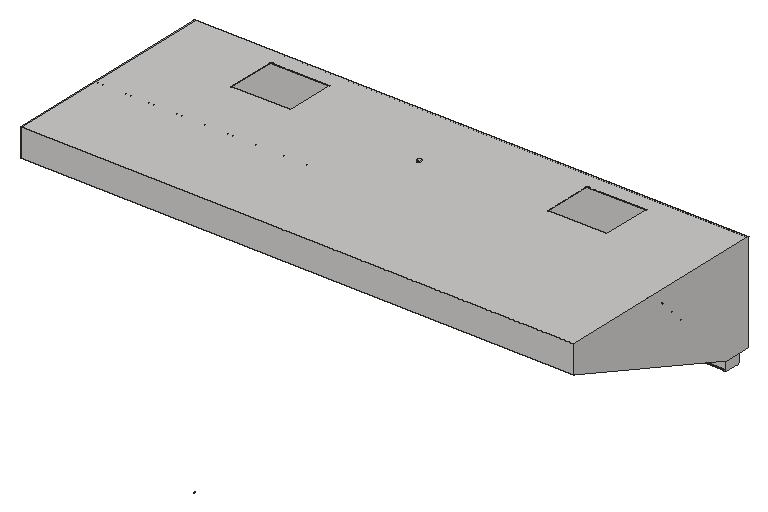
Revit family "QF_ELECTROLUXPROFESSIONAL_644195_AMPV1128BT", category Specialty Equipment, Revit 2014
Reference planes
  plane 1 "Center (Front/Back)": y = 0
  plane 2: z = 0
  plane 3 "Center (Left/Right)": x = 150
  plane 4 "LEFT": x = -1250
  plane 5 "RIGHT": x = 1550
  plane 6 "BACK": y = 550
  plane 7 "FRONT": y = -550
  plane 8 "Plane": z = 2000
  plane 9 "TOP": z = 2140
  plane 10 "Base": z = 1640
  plane 11: z = 1566
  plane 12 "DrainY": y = 485
  plane 13: x = -1247
  plane 14: through (0, 414.509, 1640.8) normal (0, 0.7314, 0.682)
  plane 15: y = 470
  plane 16: y = 220
  plane 17 "DrainX": x = 1430
  plane 18: x = -500
  plane 19: x = 800
  plane 20: x = -800
  plane 21: x = 1100
  plane 22: x = 1547
  plane 23: x = 1340
  plane 24: x = 1520
  plane 25: x = -1210
  plane 26: x = -845
  plane 27: x = -450
  plane 28: x = 1510
  plane 29: x = 1145
  plane 30: x = 750
Forms (mm)
  Extrusion 1, solid, material "QF_Finishes_Stainless Steel"
    sketch origin (-1250, 0, 0) x (0, 1, 0) y (0, 0, 1)
      loop
        line (550, 1640) -> (550, 2140) -> (-550, 2140) -> (-550, 1999.112) -> (413.973, 1640) -> (550, 1640)
    from 0 to 3
  Extrusion 2, solid, material "QF_Finishes_Stainless Steel"
    sketch origin (150, 0, 0) x (0, 1, 0) y (0, 0, 1)
      loop
        line (415.255, 1640) -> (550, 1640) -> (550, 2139.19) -> (549.2, 2139.19) -> (549.2, 1640.8) -> (415.876, 1640.8) -> (339.347, 1722.867) -> (349.609, 1732.436) -> (348.927, 1733.167) -> (337.934, 1722.917) -> (415.255, 1640)
      loop
        line (-82.203, 2139.19) -> (-82.203, 2118.6) -> (-31.047, 2118.6) -> (34.354, 2048.466) -> (46.028, 2059.352) -> (45.346, 2060.083) -> (34.403, 2049.879) -> (-30.612, 2119.6) -> (-81.203, 2119.6) -> (-81.203, 2139.19) -> (-82.203, 2139.19)
    from -1397 to 1397
  Extrusion 3, solid, material "QF_Finishes_Stainless Steel"
    sketch origin (1550, 0, 0) x (0, 1, 0) y (0, 0, 1)
      loop
        line (550, 1640) -> (550, 2140) -> (-550, 2140) -> (-550, 1999.112) -> (413.973, 1640) -> (550, 1640)
    from 0 to -3
  Extrusion 4, solid, material "QF_Finishes_Stainless Steel"
    sketch origin (150, 0, 0) x (0, 1, 0) y (0, 0, 1)
      loop
        line (-550, 2140) -> (-550, 2000) -> (-549.2, 2000) -> (-549.2, 2139.19) -> (550, 2139.19) -> (550, 2140) -> (-550, 2140)
    from -1400 to 1400
  Extrusion 5, solid, material "QF_Finishes_Stainless Steel"
    sketch origin (150, 0, 0) x (0, 1, 0) y (0, 0, 1)
      loop
        line (534, 1640) -> (436, 1640) -> (436, 1627) -> (443.5, 1627) -> (443.5, 1576)
        arc (443.5, 1576) -> (446.429, 1568.929) -> (453.5, 1566) r 10
        line (453.5, 1566) -> (516.5, 1566)
        arc (516.5, 1566) -> (523.571, 1568.929) -> (526.5, 1576) r 10
        line (526.5, 1576) -> (526.5, 1627) -> (534, 1627) -> (534, 1640)
    from 1190 to 1370
  Extrusion 6, solid, material "QF_Finishes_Stainless Steel"
    sketch origin (0, 0, 1640) x (0, 1, 0) y (-1, 0, 0)
      loop
        circle (485, -1430) r 20
    from -76 to -74
  Extrusion 7, solid, material "QF_Finished_Chrome"
    sketch origin (150, 0, 0) x (0, 1, 0) y (0, 0, 1)
      loop
        line (337.934, 1722.917) -> (341.591, 1726.327) -> (38.011, 2051.876) -> (34.354, 2048.466) -> (337.934, 1722.917)
    from -995 to -1360
  Extrusion 8, solid, material "QF_Finished_Chrome"
    sketch origin (150, 0, 0) x (0, 1, 0) y (0, 0, 1)
      loop
        line (337.934, 1722.917) -> (341.591, 1726.327) -> (38.011, 2051.876) -> (34.354, 2048.466) -> (337.934, 1722.917)
    from 600 to -600
  Extrusion 9, solid, material "QF_Finishes_Stainless Steel"
    sketch origin (150, 0, 0) x (0, 1, 0) y (0, 0, 1)
      loop
        line (337.934, 1722.917) -> (341.591, 1726.327) -> (38.011, 2051.876) -> (34.354, 2048.466) -> (337.934, 1722.917)
    from 1397 to 1360
  Extrusion 10, solid, material "QF_Finishes_Stainless Steel"
    sketch origin (150, 0, 0) x (0, 1, 0) y (0, 0, 1)
      loop
        line (341.588, 1726.324) -> (38.009, 2051.874) -> (34.354, 2048.466) -> (337.934, 1722.917) -> (341.588, 1726.324)
    from -995 to -600
  Extrusion 11, solid, material "QF_Finished_Chrome"
    sketch origin (150, 0, 0) x (0, 1, 0) y (0, 0, 1)
      loop
        line (341.588, 1726.324) -> (38.009, 2051.874) -> (34.354, 2048.466) -> (337.934, 1722.917) -> (341.588, 1726.324)
    from 995 to 1360
  Extrusion 12, void
    sketch origin (0, 0, 2140) x (0, 1, 0) y (-1, 0, 0)
      loop
        line (470, 800) -> (220, 800) -> (220, 500) -> (470, 500) -> (470, 800)
    from 0 to -10
  Extrusion 13, void
    sketch origin (940, 0, 2140) x (0, 1, 0) y (-1, 0, 0)
      loop
        line (470, 140) -> (220, 140) -> (220, -160) -> (470, -160) -> (470, 140)
    from 0 to -10
  Extrusion 14, solid, material "QF_Finishes_Stainless Steel"
    sketch origin (0, 0, 0) x (1, 0, 0) y (0, 1, 0)
      loop
        line (-1250, 550) -> (-1250, 549) -> (-1249, 549) -> (-1249, 550) -> (-1250, 550)
    from 0 to 1
  Extrusion 15, solid, material "QF_Finishes_Stainless Steel"
    sketch origin (150, 0, 0) x (0, 1, 0) y (0, 0, 1)
      loop
        line (337.934, 1722.917) -> (341.591, 1726.327) -> (38.011, 2051.876) -> (34.354, 2048.466) -> (337.934, 1722.917)
    from -1360 to -1397
  Extrusion 16, solid, material "QF_Finishes_Stainless Steel"
    sketch origin (150, 0, 0) x (0, 1, 0) y (0, 0, -1)
      loop
        line (341.588, -1726.324) -> (337.934, -1722.917) -> (34.354, -2048.466) -> (38.009, -2051.874) -> (341.588, -1726.324)
    from -995 to -600
  Extrusion 17, solid, material "QF_Finishes_Stainless Steel"
    sketch origin (0, 0, 2140) x (0, 1, 0) y (-1, 0, 0)
      loop
        circle (220, -150) r 10
    from 0 to 1.6
Cuts and joins
  Extrusion 12, Extrusion 13 cuts Extrusion 4
  joined: Extrusion 2, Extrusion 4
Lines and regions (mm)
  reference lines
    curve 1: line (150, 34.354, 2048.466) -> (150, 34.354, 1888.466)
  symbolic lines, style "SpecialityEquipment", detail levels coarse
    curve 2: line (1550, 550, 2140) -> (-1250, 550, 2140)
    curve 3: line (-1250, 550, 2140) -> (-1250, -550, 2140)
    curve 4: line (1550, -550, 2140) -> (1550, 550, 2140)
    curve 5: line (-1250, -550, 2140) -> (1550, -550, 2140)
    curve 6: line (-800, 220, 2140) -> (-500, 220, 2140)
    curve 7: line (-800, 470, 2140) -> (-800, 220, 2140)
    curve 8: line (-500, 470, 2140) -> (-800, 470, 2140)
    curve 9: line (-500, 220, 2140) -> (-500, 470, 2140)
    curve 10: line (800, 470, 2140) -> (800, 220, 2140)
    curve 11: line (800, 220, 2140) -> (1100, 220, 2140)
    curve 12: line (1100, 470, 2140) -> (800, 470, 2140)
    curve 13: line (1100, 220, 2140) -> (1100, 470, 2140)
    curve 14: line (-1250, -550, 0) -> (1550, 550, 0)
    curve 15: line (1550, -550, 0) -> (-1250, 550, 0)
Dimensions and locks
  plane 4 "LEFT" to plane 5 "RIGHT" = 2800 mm
  equal spacing: plane 4 "LEFT", plane 3 "Center (Left/Right)", plane 5 "RIGHT"
  locked: plane 8 "Plane" to level at 2000
  plane 9 "TOP" to plane 8 "Plane" = 140 mm
  locked: plane 9 "TOP" to plane 10 "Base" at 500
  plane 10 "Base" to plane 11 = 74 mm
  plane 6 "BACK" to plane 12 "DrainY" = 65 mm  (x2)
  plane 4 "LEFT" to plane 13 = 3 mm
  plane 6 "BACK" to plane 15 = 80 mm
  plane 15 to plane 16 = 250 mm  (x2)
  plane 17 "DrainX" to plane 5 "RIGHT" = 120 mm
  locked: plane 18 to plane 19 at 1300
  equal spacing: plane 18, plane 3 "Center (Left/Right)", plane 19
  plane 20 to plane 18 = 300 mm
  plane 19 to plane 21 = 300 mm
  plane 22 to plane 5 "RIGHT" = 3 mm
  locked: plane 23 to plane 17 "DrainX" at 90
  locked: plane 17 "DrainX" to plane 24 at 90
  plane 6 "BACK" to plane 7 "FRONT" = 1100 mm  (x2)
  equal spacing: plane 6 "BACK", plane 1 "Center (Front/Back)", plane 7 "FRONT"
  plane 16 to plane 7 "FRONT" = 770 mm
  plane 15 to plane 6 "BACK" = 80 mm
  locked: plane 4 "LEFT" to plane 25 at 40
  locked: plane 25 to plane 26 at 365
  locked: plane 26 to plane 27 at 395
  locked: plane 28 to plane 29 at 365
  locked: plane 29 to plane 30 at 395
  locked: plane 28 to plane 5 "RIGHT" at 40
  plane 27 to plane 30 = 1200 mm
  aligned and locked: level to plane 2
  aligned and locked: Extrusion 2 to Extrusion 1
  aligned and locked: Extrusion 2 to Extrusion 3
  aligned and locked: plane 5 "RIGHT" to Extrusion 4
  aligned and locked: Extrusion 4 to plane 4 "LEFT"
  aligned and locked: plane 22 to Extrusion 9
  aligned and locked: plane 20 to Extrusion 12
  aligned and locked: Extrusion 12 to plane 18
  aligned and locked: Extrusion 12 to plane 16
  aligned and locked: Extrusion 12 to plane 15
  aligned and locked: Extrusion 13 to plane 21
  aligned and locked: plane 19 to Extrusion 13
  aligned and locked: Extrusion 2 to Extrusion 4
  aligned and locked: plane 24 to Extrusion 5
  aligned and locked: Extrusion 5 to plane 23
  aligned and locked: Extrusion 9 to plane 28
  aligned and locked: Extrusion 11 to plane 28
  aligned and locked: Extrusion 11 to plane 29
  aligned and locked: Extrusion 8 to plane 30
  aligned and locked: Extrusion 8 to plane 27
  aligned and locked: plane 27 to Extrusion 10
  aligned and locked: Extrusion 10 to plane 26
  aligned and locked: plane 26 to Extrusion 7
  aligned and locked: Extrusion 7 to plane 25
  aligned and locked: Extrusion 15 to plane 13
  aligned and locked: plane 25 to Extrusion 15
  aligned and locked: Extrusion 16 to plane 30
  aligned and locked: Extrusion 16 to plane 29
  aligned and locked: Extrusion 3 to plane 22
Automatic sketch dimensions
  curve 5 to plane 4 "LEFT" = 0 mm
  curve 5 to plane 7 "FRONT" = 0 mm
  curve 9 to plane 16 = 0 mm
  curve 10 to plane 16 = 0 mm
  plane 15 to curve 8 = 0 mm
  plane 15 to curve 12 = 0 mm
  curve 3 to plane 6 "BACK" = 0 mm
  curve 5 to plane 5 "RIGHT" = 0 mm
  curve 11 to plane 21 = 0 mm
  curve 10 to plane 19 = 0 mm
  curve 6 to plane 18 = 0 mm
  curve 6 to plane 20 = 0 mm
  Extrusion 1 sketch curve to plane 7 "FRONT" = 0 mm
  Extrusion 1 sketch curve to plane 10 "Base" = 0 mm
  Extrusion 1 sketch curve to plane 6 "BACK" = 0 mm
  Extrusion 1 sketch curve to plane 9 "TOP" = 0 mm
  plane 15 to Extrusion 1 sketch curve = 56.027 mm
  Extrusion 1 sketch curve to plane 8 "Plane" = 0.888 mm
  Extrusion 2 sketch curve to plane 14 = 0 mm  (x3)
  Extrusion 2 sketch curve to plane 10 "Base" = 0 mm
  plane 14 to Extrusion 2 sketch curve = 0 mm
  Extrusion 2 sketch curve to plane 6 "BACK" = 0 mm
  Extrusion 2 sketch curve to Extrusion 2 sketch curve = 65.646 mm
  Extrusion 2 sketch curve to Extrusion 2 sketch curve = 0.682 mm  (x2)
  Extrusion 2 sketch curve to Extrusion 2 sketch curve = 10.261 mm
  plane 10 "Base" to Extrusion 2 sketch curve = 82.917 mm
  Extrusion 2 sketch curve to plane 1 "Center (Front/Back)" = 46.028 mm
  Extrusion 2 sketch curve to Extrusion 2 sketch curve = 10.942 mm
  Extrusion 2 sketch curve to Extrusion 2 sketch curve = 0.049 mm
  Extrusion 2 sketch curve to plane 9 "TOP" = 20.4 mm
  Extrusion 2 sketch curve to plane 9 "TOP" = 21.4 mm
  Extrusion 2 sketch curve to plane 9 "TOP" = 0.81 mm  (x2)
  Extrusion 2 sketch curve to Extrusion 2 sketch curve = 50.156 mm
  Extrusion 2 sketch curve to Extrusion 2 sketch curve = 1 mm
  plane 10 "Base" to Extrusion 2 sketch curve = 0.8 mm
  Extrusion 2 sketch curve to plane 6 "BACK" = 0.8 mm
  Extrusion 3 sketch curve to plane 7 "FRONT" = 0 mm
  Extrusion 3 sketch curve to plane 10 "Base" = 0 mm
  Extrusion 3 sketch curve to plane 6 "BACK" = 0 mm
  Extrusion 3 sketch curve to plane 9 "TOP" = 0 mm
  plane 15 to Extrusion 3 sketch curve = 56.027 mm
  Extrusion 3 sketch curve to plane 8 "Plane" = 0.888 mm
  Extrusion 4 sketch curve to plane 7 "FRONT" = 0 mm
  Extrusion 4 sketch curve to plane 8 "Plane" = 0 mm
  Extrusion 4 sketch curve to plane 6 "BACK" = 0 mm
  Extrusion 4 sketch curve to plane 9 "TOP" = 0 mm
  plane 7 "FRONT" to Extrusion 4 sketch curve = 0.8 mm
  Extrusion 4 sketch curve to plane 9 "TOP" = 0.81 mm
  curve 1 to plane 14 = 0 mm
  curve 1 to plane 1 "Center (Front/Back)" = 34.354 mm
  curve 1 to plane 8 "Plane" = 111.534 mm
  Extrusion 5 sketch curve to plane 10 "Base" = 0 mm
  Extrusion 5 sketch curve to plane 11 = 0 mm
  Extrusion 5 sketch curve to plane 10 "Base" = 13 mm  (x2)
  plane 15 to Extrusion 5 sketch curve = 34 mm
  Extrusion 5 sketch curve to Extrusion 5 sketch curve = 7.5 mm  (x2)
  Extrusion 5 sketch curve to Extrusion 5 sketch curve = 10 mm
  plane 12 "DrainY" to Extrusion 5 sketch curve = 31.5 mm
  Extrusion 5 sketch curve to plane 6 "BACK" = 23.5 mm
  Extrusion 6 sketch curve to plane 12 "DrainY" = 0 mm
  Extrusion 6 sketch curve to plane 17 "DrainX" = 0 mm
  Extrusion 7 sketch curve to plane 14 = 0 mm  (x2)
  Extrusion 7 sketch curve to plane 1 "Center (Front/Back)" = 34.354 mm
  Extrusion 7 sketch curve to Extrusion 7 sketch curve = 3.657 mm
  plane 10 "Base" to Extrusion 7 sketch curve = 82.917 mm
  Extrusion 8 sketch curve to plane 14 = 0 mm  (x2)
  Extrusion 8 sketch curve to plane 1 "Center (Front/Back)" = 34.354 mm
  Extrusion 8 sketch curve to Extrusion 8 sketch curve = 3.657 mm
  plane 10 "Base" to Extrusion 8 sketch curve = 82.917 mm
  Extrusion 9 sketch curve to plane 14 = 0 mm  (x2)
  Extrusion 9 sketch curve to plane 1 "Center (Front/Back)" = 34.354 mm
  Extrusion 9 sketch curve to Extrusion 9 sketch curve = 3.657 mm
  plane 10 "Base" to Extrusion 9 sketch curve = 82.917 mm
  Extrusion 10 sketch curve to plane 14 = 0 mm  (x2)
  Extrusion 10 sketch curve to plane 1 "Center (Front/Back)" = 34.354 mm
  Extrusion 10 sketch curve to Extrusion 10 sketch curve = 3.655 mm
  plane 10 "Base" to Extrusion 10 sketch curve = 82.917 mm
  Extrusion 11 sketch curve to plane 14 = 0 mm  (x2)
  Extrusion 11 sketch curve to plane 1 "Center (Front/Back)" = 34.354 mm
  Extrusion 11 sketch curve to Extrusion 11 sketch curve = 3.655 mm
  plane 10 "Base" to Extrusion 11 sketch curve = 82.917 mm
  Extrusion 12 sketch curve to plane 16 = 0 mm
  plane 15 to Extrusion 12 sketch curve = 0 mm
  Extrusion 12 sketch curve to plane 18 = 0 mm
  Extrusion 12 sketch curve to plane 20 = 0 mm
  Extrusion 13 sketch curve to plane 16 = 0 mm
  plane 15 to Extrusion 13 sketch curve = 0 mm
  Extrusion 13 sketch curve to plane 21 = 0 mm
  Extrusion 13 sketch curve to plane 19 = 0 mm
  Extrusion 14 sketch curve to plane 4 "LEFT" = 0 mm
  Extrusion 14 sketch curve to plane 6 "BACK" = 0 mm
  plane 4 "LEFT" to Extrusion 14 sketch curve = 1 mm
  Extrusion 14 sketch curve to plane 6 "BACK" = 1 mm
  Extrusion 15 sketch curve to plane 14 = 0 mm  (x2)
  Extrusion 15 sketch curve to plane 1 "Center (Front/Back)" = 34.354 mm
  Extrusion 15 sketch curve to Extrusion 15 sketch curve = 3.657 mm
  plane 10 "Base" to Extrusion 15 sketch curve = 82.917 mm
  Extrusion 16 sketch curve to plane 14 = 0 mm  (x2)
  Extrusion 16 sketch curve to plane 1 "Center (Front/Back)" = 34.354 mm
  Extrusion 16 sketch curve to Extrusion 16 sketch curve = 3.655 mm
  plane 10 "Base" to Extrusion 16 sketch curve = 82.917 mm
  curve 15 to plane 4 "LEFT" = 0 mm
  curve 14 to plane 4 "LEFT" = 0 mm
  curve 15 to plane 5 "RIGHT" = 0 mm
  curve 14 to plane 5 "RIGHT" = 0 mm
  curve 15 to plane 7 "FRONT" = 0 mm
  curve 14 to plane 7 "FRONT" = 0 mm
  curve 15 to plane 6 "BACK" = 0 mm
  curve 14 to plane 6 "BACK" = 0 mm
  Extrusion 17 sketch curve to plane 3 "Center (Left/Right)" = 0 mm
  Extrusion 17 sketch curve to plane 16 = 0 mm
  radius of Extrusion 6 sketch curve = 20 mm
  radius of Extrusion 17 sketch curve = 10 mm
Connectors
  piping at (1430, 485, 1564), diameter 20
    settings: on Extrusion 6, index 1, connector inside diameter 609.6 mm, connector length 0 mm, flow factor 0, pipe flow 0.0 L/s, pressure drop 0.0 Pa, fitting loss kfactor 0, connector angle 0.00°, fixture units 0, engagement length 0 mm, angle of deflection 0.00°, flow configuration 1, flow direction 2, fitting loss method 0, system type 16, joint type 0, gender type 0, connector reference index -1, connector utility 0, adjustable connector no, is connector primary yes, connector description "Drain"
  hvac at (-650, 345, 2140)
    settings: on Extrusion 12, index 2, duct flow 0.0 L/s, flow factor 0, pres drop 0.0 Pa, loss coef 0, conn angle 0.00°, conn width 250 mm, conn height 300 mm, conn diameter 609.6 mm, duct sys type 3, conn prof type 1, flow config 1, flow direction 2, loss method 0, conn ref index -1, conn util no, is conn primary yes, conn desc "EXHAUST OUTLET"
  hvac at (950, 345, 2140)
    settings: on Extrusion 13, index 3, duct flow 0.0 L/s, flow factor 0, pres drop 0.0 Pa, loss coef 0, conn angle 0.00°, conn width 250 mm, conn height 300 mm, conn diameter 609.6 mm, duct sys type 3, conn prof type 1, flow config 1, flow direction 2, loss method 0, conn ref index -1, conn util no, is conn primary no, conn desc "EXHAUST OUTLET"
  electrical at (150, 220, 2141.6)
    settings: on Extrusion 17, index 4, voltage 0 V, apparent load 0 VA, apparent load phase1 0 VA, apparent load phase2 0 VA, apparent load phase3 0 VA, power factor 1, load classification "Other", number of poles 1, system type 30, power factor state 1, is connector primary yes, connector utility no, sub classification motor no, connector description "Electrical Connection"
